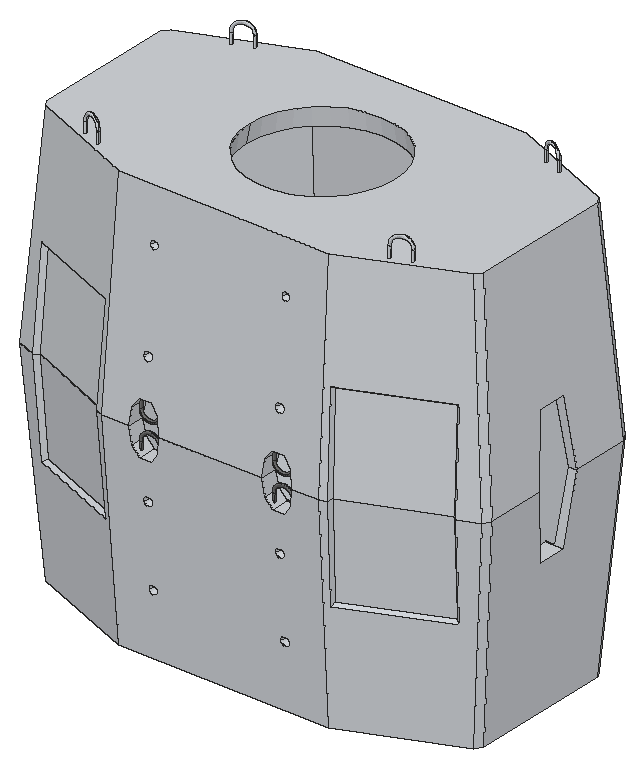
Revit family "110101-00057 Колодец ККСр-3-10 -ССД.0", category Обобщенные модели, Revit 2019
Family settings
  Может служить основой для арматурных стержней = Нет
  Размер круглого соединителя = Использовать диаметр
  Тип детали = Нормальный
  На основе рабочей плоскости = Нет
  Всегда вертикально = Да
  При загрузке вырезать с полостями = Нет
  Общий = Нет
  Точка расчета площади = Нет
Parameters (values of type "Колодец ККСр-3-10 ГЕК-ССД")
  ADSK_Ширина = 1160 mm
  ADSK_Ссылка на сайт = "https://www.ssd.ru/kolodets-kksr-3-10-gek-ssd-v22-5"
  ADSK_Сертификат соответствия = "https://www.ssd.ru/upload/iblock/ec0/sert_b25_0221.pdf"
  ADSK_Наименование = "Колодец ККСр-3-10 ГЕК-ССД"
  ADSK_Масса = "1990"
  ADSK_Марка = "ККСр"
  ADSK_Код изделия = "110101-00057"
  ADSK_Класс бетона = "В25"
  ADSK_Изготовитель = "АО \"СВЯЗЬСТРОЙДЕТАЛЬ\""
  ADSK_Длина = 1950 mm
  ADSK_Высота = 1760 mm
Reference planes
  plane 1 "По центру (Вперед/Назад)": y = 0
  plane 2: z = 0
  plane 3 "По центру (Влево/Вправо)": x = 0
Dimensions and locks
  "ADSK_Ширина": nested 2 to nested 2
  "ADSK_Длина": nested 2 to nested 2
  "ADSK_Высота": nested 2 to level
  aligned and locked: level to plane 2
Nested families
  nested 1: "Колодец ККСр-3-10.Низ" at (0, 0, 0), type "Колодец ККСр-3-10.Низ"
  nested 2: "Колодец ККСр-3-10.Верх" at (0, 0, 880), type "Колодец ККСр-3-10.Верх"
Definition of nested family "Колодец ККСр-3-10.Низ"
  Parameters
    7 = 130 mm
    6 = 50 mm
    5 = 80 mm
    4 = 50 mm
    36 = 80 mm
    3 = 880 mm
    2 = 1160 mm
    1 = 1950 mm
  Reference planes
    plane 1 "По центру (Вперед/Назад)": y = 0
    plane 2: z = 0
    plane 3 "По центру (Влево/Вправо)": x = 0
    plane 4: x = -975
    plane 5: y = 580
    plane 6: x = 975
    plane 7: y = -580
    plane 8: z = 50
    plane 9: z = 80
    plane 10: z = 880
    plane 11: z = 130
  Forms (mm)
    Blend 1, solid
      base sketch origin (0, 0, 0) x (1, 0, 0) y (0, 1, 0)
        loop
          line (-435, 510) -> (-886.513, 323.631) -> (-905, 296) -> (-905, -296) -> (-886.513, -323.631) -> (-435, -510) -> (435, -510) -> (886.513, -323.631) -> (905, -296) -> (905, 296) -> (886.513, 323.631) -> (435, 510) -> (-435, 510)
      top sketch origin (0, 0, 0) x (1, 0, 0) y (0, 1, 0)
        loop
          line (-975, -342.835) -> (-956.513, -370.466) -> (-448.879, -580) -> (448.879, -580) -> (956.513, -370.466) -> (975, -342.835) -> (975, 342.835) -> (956.513, 370.466) -> (448.879, 580) -> (-448.879, 580) -> (-956.513, 370.466) -> (-975, 342.835) -> (-975, -342.835)
      from 0 to 880
    Blend 2, void
      base sketch origin (0, 0, 0) x (1, 0, 0) y (0, 1, 0)
        loop
          line (391.34, 430) -> (-391.34, 430) -> (-825, 251) -> (-825, -251) -> (-391.34, -430) -> (391.34, -430) -> (825, -251) -> (825, 251) -> (391.34, 430)
      top sketch origin (0, 0, 0) x (1, 0, 0) y (0, 1, 0)
        loop
          line (-435, 510) -> (-905, 316) -> (-905, -316) -> (-435, -510) -> (435, -510) -> (905, -316) -> (905, 316) -> (435, 510) -> (-435, 510)
      from 130 to 880
    Blend 3, void
      base sketch origin (0, 0, 0) x (1, 0, 0) y (0, 1, 0)
        loop
          line (-775, 218) -> (-775, -218) -> (-372, -380) -> (372, -380) -> (775, -218) -> (775, 218) -> (372, 380) -> (-372, 380) -> (-775, 218)
      top sketch origin (0, 0, 0) x (1, 0, 0) y (0, 1, 0)
        loop
          line (-825, 251) -> (-825, -251) -> (-391.34, -430) -> (391.34, -430) -> (825, -251) -> (825, 251) -> (391.34, 430) -> (-391.34, 430) -> (-825, 251)
      from 80 to 130
    Blend 4, void
      base sketch origin (0, 0, 0) x (1, 0, 0) y (0, 1, 0)
        loop
          line (-75, 125) -> (-75, -125) -> (75, -125) -> (75, 125) -> (-75, 125)
      top sketch origin (0, 0, 0) x (1, 0, 0) y (0, 1, 0)
        loop
          line (-105, 155) -> (-105, -155) -> (105, -155) -> (105, 155) -> (-105, 155)
      from 50 to 80
    Extrusion 5, void
      sketch origin (0, 0, 0) x (0, 1, 0) y (0, 0, 1)
        loop
          line (97.5, 880) -> (-97.5, 880) -> (-62.5, 593.503) -> (62.5, 593.503) -> (97.5, 880)
      from 868.93 to 975
    Extrusion 6, void
      sketch origin (0, 0, 0) x (0, 1, 0) y (0, 0, -1)
        loop
          line (97.5, -880) -> (62.5, -593.503) -> (-62.5, -593.503) -> (-97.5, -880) -> (97.5, -880)
      from 825 to 975
    Extrusion 7, void
      sketch origin (0, 0, 0) x (1, 0, 0) y (0, 0, 1)
        loop
          line (338, 880) -> (213, 880) -> (220.5, 810) -> (250.5, 770) -> (300.5, 770) -> (330.5, 810) -> (338, 880)
      from -580 to -482.925
    Extrusion 8, void
      sketch origin (0, 0, 0) x (-1, 0, 0) y (0, 0, -1)
        loop
          line (338, -880) -> (330.5, -810) -> (300.5, -770) -> (250.5, -770) -> (220.5, -810) -> (213, -880) -> (338, -880)
      from -580 to -482.925
    Extrusion 9, void
      sketch origin (0, 0, 0) x (-1, 0, 0) y (0, 0, 1)
        loop
          line (338, 880) -> (213, 880) -> (220.5, 810) -> (250.5, 770) -> (300.5, 770) -> (330.5, 810) -> (338, 880)
      from -580 to -482.925
    Extrusion 10, void
      sketch origin (0, 0, 0) x (1, 0, 0) y (0, 0, -1)
        loop
          line (338, -880) -> (330.5, -810) -> (300.5, -770) -> (250.5, -770) -> (220.5, -810) -> (213, -880) -> (338, -880)
      from -580 to -482.925
    Sweep 11, solid, detail levels fine
      path origin (-551, 0, -6.667) x (1, 0, 0) y (0, 0, 1)
        loop
          line (315.5, 790) -> (315.5, 825)
          arc (315.5, 825) -> (275.5, 865) -> (235.5, 825) r 40
          line (235.5, 825) -> (235.5, 790)
      profile origin (-235.5, 0, 800.833) x (-1, 0, 0) y (0, -1, 0)
        loop
          circle (0, -545) r 5
    Sweep 12, solid, detail levels fine
      path origin (551, 0, -6.667) x (-1, 0, 0) y (0, 0, 1)
        loop
          line (315.5, 790) -> (315.5, 825)
          arc (315.5, 825) -> (275.5, 865) -> (235.5, 825) r 40
          line (235.5, 825) -> (235.5, 790)
      profile origin (235.5, 0, 800.833) x (-1, 0, 0) y (0, -1, 0)
        loop
          circle (0, -545) r 5
    Sweep 13, solid, detail levels fine
      path origin (551, 0, -6.667) x (-1, 0, 0) y (0, 0, 1)
        loop
          line (315.5, 790) -> (315.5, 825)
          arc (315.5, 825) -> (275.5, 865) -> (235.5, 825) r 40
          line (235.5, 825) -> (235.5, 790)
      profile origin (235.5, 0, 800.833) x (1, 0, 0) y (0, 1, 0)
        loop
          circle (0, -545) r 5
    Sweep 14, solid, detail levels fine
      path origin (-551, 0, -6.667) x (1, 0, 0) y (0, 0, -1)
        loop
          line (315.5, -790) -> (315.5, -825)
          arc (315.5, -825) -> (275.5, -865) -> (235.5, -825) r 40
          line (235.5, -825) -> (235.5, -790)
      profile origin (-235.5, 0, 800.833) x (1, 0, 0) y (0, 1, 0)
        loop
          circle (0, -545) r 5
    Blend 15, void
      base sketch origin (0, 0, 359) x (1, 0, 0) y (0, 0, 1)
        loop
          circle (272.55, 250.573) r 8
      top sketch origin (0, 0, 359) x (1, 0, 0) y (0, 0, 1)
        loop
          circle (272.55, 250.573) r 19
      from 516.972 to 560.294
    Blend 16, void
      base sketch origin (0, 0, 359) x (1, 0, 0) y (0, 0, 1)
        loop
          circle (272.55, 250.573) r 4
      top sketch origin (0, 0, 359) x (1, 0, 0) y (0, 0, 1)
        loop
          circle (272.55, 250.573) r 8
      from 441.307 to 516.972
    Blend 17, void
      base sketch origin (0, 0, 359) x (-1, 0, 0) y (0, 0, -1)
        loop
          circle (272.55, -250.573) r 8
      top sketch origin (0, 0, 359) x (-1, 0, 0) y (0, 0, -1)
        loop
          circle (272.55, -250.573) r 19
      from 516.972 to 560.294
    Blend 18, void
      base sketch origin (0, 0, 359) x (-1, 0, 0) y (0, 0, -1)
        loop
          circle (272.55, -250.573) r 4
      top sketch origin (0, 0, 359) x (-1, 0, 0) y (0, 0, -1)
        loop
          circle (272.55, -250.573) r 8
      from 441.307 to 516.972
    Blend 19, void
      base sketch origin (0, 0, 359) x (-1, 0, 0) y (0, 0, 1)
        loop
          circle (272.55, 250.573) r 8
      top sketch origin (0, 0, 359) x (-1, 0, 0) y (0, 0, 1)
        loop
          circle (272.55, 250.573) r 19
      from 516.972 to 560.294
    Blend 20, void
      base sketch origin (0, 0, 359) x (-1, 0, 0) y (0, 0, 1)
        loop
          circle (272.55, 250.573) r 4
      top sketch origin (0, 0, 359) x (-1, 0, 0) y (0, 0, 1)
        loop
          circle (272.55, 250.573) r 8
      from 441.307 to 516.972
    Blend 21, void
      base sketch origin (0, 0, 359) x (1, 0, 0) y (0, 0, -1)
        loop
          circle (272.55, -250.573) r 8
      top sketch origin (0, 0, 359) x (1, 0, 0) y (0, 0, -1)
        loop
          circle (272.55, -250.573) r 19
      from 516.972 to 560.294
    Blend 22, void
      base sketch origin (0, 0, 359) x (1, 0, 0) y (0, 0, -1)
        loop
          circle (272.55, -250.573) r 4
      top sketch origin (0, 0, 359) x (1, 0, 0) y (0, 0, -1)
        loop
          circle (272.55, -250.573) r 8
      from 441.307 to 516.972
    Blend 23, void
      base sketch origin (0, 0, 521) x (-1, 0, 0) y (0, 0, 1)
        loop
          circle (272.55, -250.573) r 8
      top sketch origin (0, 0, 521) x (-1, 0, 0) y (0, 0, 1)
        loop
          circle (272.55, -250.573) r 19
      from 485 to 535
    Blend 24, void
      base sketch origin (0, 0, 521) x (-1, 0, 0) y (0, 0, 1)
        loop
          circle (272.55, -250.573) r 4
      top sketch origin (0, 0, 521) x (-1, 0, 0) y (0, 0, 1)
        loop
          circle (272.55, -250.573) r 8
      from 441.307 to 485
    Blend 25, void
      base sketch origin (0, 0, 521) x (-1, 0, 0) y (0, 0, -1)
        loop
          circle (272.55, 250.573) r 8
      top sketch origin (0, 0, 521) x (-1, 0, 0) y (0, 0, -1)
        loop
          circle (272.55, 250.573) r 19
      from 485 to 535
    Blend 26, void
      base sketch origin (0, 0, 521) x (-1, 0, 0) y (0, 0, -1)
        loop
          circle (272.55, 250.573) r 4
      top sketch origin (0, 0, 521) x (-1, 0, 0) y (0, 0, -1)
        loop
          circle (272.55, 250.573) r 8
      from 441.307 to 485
    Blend 27, void
      base sketch origin (0, 0, 521) x (1, 0, 0) y (0, 0, -1)
        loop
          circle (272.55, 250.573) r 8
      top sketch origin (0, 0, 521) x (1, 0, 0) y (0, 0, -1)
        loop
          circle (272.55, 250.573) r 19
      from 485 to 535
    Blend 28, void
      base sketch origin (0, 0, 521) x (1, 0, 0) y (0, 0, -1)
        loop
          circle (272.55, 250.573) r 4
      top sketch origin (0, 0, 521) x (1, 0, 0) y (0, 0, -1)
        loop
          circle (272.55, 250.573) r 8
      from 441.307 to 485
    Blend 29, void
      base sketch origin (0, 0, 521) x (1, 0, 0) y (0, 0, 1)
        loop
          circle (272.55, -250.573) r 8
      top sketch origin (0, 0, 521) x (1, 0, 0) y (0, 0, 1)
        loop
          circle (272.55, -250.573) r 19
      from 485 to 535
    Blend 30, void
      base sketch origin (0, 0, 521) x (1, 0, 0) y (0, 0, 1)
        loop
          circle (272.55, -250.573) r 4
      top sketch origin (0, 0, 521) x (1, 0, 0) y (0, 0, 1)
        loop
          circle (272.55, -250.573) r 8
      from 441.307 to 485
    Extrusion 31, void
      sketch origin (-25.337, 0, 98.129) x (0, 1, 0) y (0.104528, 0, 0.994522)
        loop
          line (98.502, 888.2) -> (62.5, 593.503) -> (80.386, 475.964) -> (182.835, 475.964) -> (250.853, 888.2) -> (98.502, 888.2)
      from 842.347 to 879.68
    Extrusion 32, void
      sketch origin (-25.337, 0, 98.129) x (0, -1, 0) y (-0.104528, 0, -0.994522)
        loop
          line (98.502, -888.2) -> (250.853, -888.2) -> (182.835, -475.964) -> (80.386, -475.964) -> (62.5, -593.503) -> (98.502, -888.2)
      from 842.347 to 879.68
    Extrusion 33, void
      sketch origin (25.337, 0, 98.129) x (0, -1, 0) y (-0.104528, 0, 0.994522)
        loop
          line (98.502, 888.2) -> (62.5, 593.503) -> (80.386, 475.964) -> (182.835, 475.964) -> (250.853, 888.2) -> (98.502, 888.2)
      from 842.347 to 879.68
    Extrusion 34, void
      sketch origin (25.337, 0, 98.129) x (0, 1, 0) y (0.104528, 0, -0.994522)
        loop
          line (98.502, -888.2) -> (250.853, -888.2) -> (182.835, -475.964) -> (80.386, -475.964) -> (62.5, -593.503) -> (98.502, -888.2)
      from 842.347 to 879.68
    Blend 35, void
      base sketch origin (660.756, 416.815, 0) x (0.924352, -0.381541, 0) y (0.030254, 0.073296, 0.996851)
        loop
          line (203.133, 882.78) -> (-226.867, 882.78) -> (-226.867, 472.78) -> (203.133, 472.78) -> (203.133, 882.78)
      top sketch origin (660.756, 416.815, 0) x (0.924352, -0.381541, 0) y (0.030254, 0.073296, 0.996851)
        loop
          line (193.133, 882.78) -> (-216.867, 882.78) -> (-216.867, 482.78) -> (193.133, 482.78) -> (193.133, 882.78)
      from 0 to 18.429
    Blend 36, void
      base sketch origin (660.756, -416.815, 0) x (0.924352, 0.381541, 0) y (-0.030254, 0.073296, -0.996851)
        loop
          line (203.133, -882.78) -> (203.133, -472.78) -> (-226.867, -472.78) -> (-226.867, -882.78) -> (203.133, -882.78)
      top sketch origin (660.756, -416.815, 0) x (0.924352, 0.381541, 0) y (-0.030254, 0.073296, -0.996851)
        loop
          line (193.133, -882.78) -> (193.133, -482.78) -> (-216.867, -482.78) -> (-216.867, -882.78) -> (193.133, -882.78)
      from 0 to 18.429
    Blend 37, void
      base sketch origin (-660.756, -416.815, 0) x (-0.924352, 0.381541, 0) y (-0.030254, -0.073296, 0.996851)
        loop
          line (203.133, 882.78) -> (-226.867, 882.78) -> (-226.867, 472.78) -> (203.133, 472.78) -> (203.133, 882.78)
      top sketch origin (-660.756, -416.815, 0) x (-0.924352, 0.381541, 0) y (-0.030254, -0.073296, 0.996851)
        loop
          line (193.133, 882.78) -> (-216.867, 882.78) -> (-216.867, 482.78) -> (193.133, 482.78) -> (193.133, 882.78)
      from 0 to 18.429
    Blend 38, void
      base sketch origin (-660.756, 416.815, 0) x (-0.924352, -0.381541, 0) y (0.030254, -0.073296, -0.996851)
        loop
          line (203.133, -882.78) -> (203.133, -472.78) -> (-226.867, -472.78) -> (-226.867, -882.78) -> (203.133, -882.78)
      top sketch origin (-660.756, 416.815, 0) x (-0.924352, -0.381541, 0) y (0.030254, -0.073296, -0.996851)
        loop
          line (193.133, -882.78) -> (193.133, -482.78) -> (-216.867, -482.78) -> (-216.867, -882.78) -> (193.133, -882.78)
      from 0 to 18.429
  Cuts and joins
    Blend 2, Blend 3, Blend 4, Extrusion 5, Extrusion 6, Extrusion 7, Extrusion 8, Extrusion 9, Extrusion 10, Blend 15, Blend 16, Blend 17, Blend 18, Blend 19, Blend 20, Blend 21, Blend 22, Blend 23, Blend 24, Blend 25, Blend 26, Blend 27, Blend 28, Blend 29, Blend 30, Extrusion 31, Extrusion 32, Extrusion 33, Extrusion 34, Blend 35, Blend 36, Blend 37, Blend 38 cuts Blend 1
  Dimensions and locks
    "1": plane 4 to plane 6
    equal spacing: plane 4, plane 3 "По центру (Влево/Вправо)", plane 6
    "2": plane 5 to plane 7
    equal spacing: plane 5, plane 1 "По центру (Вперед/Назад)", plane 7
    "3": plane 2 to plane 10
    plane 2 to plane 8 = 50 mm
    "36": plane 2 to plane 9
    "7": plane 2 to plane 11
    aligned and locked: level to plane 2
    aligned and locked: plane 10 to Blend 1
    aligned and locked: Blend 1 to level
    aligned and locked: Blend 4 to plane 8
    aligned and locked: plane 9 to Blend 4
    aligned and locked: Blend 3 to plane 9
    aligned and locked: plane 11 to Blend 3
    aligned and locked: plane 10 to Blend 2
  Automatic sketch dimensions
    plane 4 to Blend 1 sketch curve = 70 mm
    Blend 1 sketch curve to Blend 1 sketch curve = 18.487 mm  (x3)
    plane 7 to Blend 1 sketch curve = 70 mm
    Blend 1 sketch curve to plane 3 "По центру (Влево/Вправо)" = 435 mm  (x2)
    Blend 1 sketch curve to plane 5 = 70 mm
    plane 3 "По центру (Влево/Вправо)" to Blend 1 sketch curve = 435 mm  (x2)
    Blend 1 sketch curve to plane 6 = 88.487 mm  (x2)
    plane 7 to Blend 1 sketch curve = 256.369 mm  (x2)
    Blend 1 sketch curve to Blend 1 sketch curve = 27.631 mm  (x8)
    Blend 1 sketch curve to plane 5 = 284 mm  (x2)
    Blend 1 sketch curve to plane 4 = 0 mm
    Blend 1 sketch curve to plane 5 = 0 mm
    Blend 1 sketch curve to plane 7 = 0 mm
    Blend 1 sketch curve to plane 6 = 0 mm
    plane 4 to Blend 1 sketch curve = 18.487 mm  (x2)
    Blend 1 sketch curve to plane 3 "По центру (Влево/Вправо)" = 448.879 mm  (x2)
    plane 3 "По центру (Влево/Вправо)" to Blend 1 sketch curve = 448.879 mm  (x2)
    Blend 1 sketch curve to plane 6 = 18.487 mm  (x2)
    plane 7 to Blend 1 sketch curve = 209.534 mm  (x2)
    Blend 1 sketch curve to plane 5 = 237.165 mm  (x2)
    plane 4 to Blend 2 sketch curve = 150 mm
    Blend 2 sketch curve to plane 5 = 150 mm
    Blend 2 sketch curve to plane 3 "По центру (Влево/Вправо)" = 391.34 mm  (x2)
    plane 7 to Blend 2 sketch curve = 150 mm
    plane 3 "По центру (Влево/Вправо)" to Blend 2 sketch curve = 391.34 mm  (x2)
    Blend 2 sketch curve to plane 6 = 150 mm
    plane 1 "По центру (Вперед/Назад)" to Blend 2 sketch curve = 251 mm  (x2)
    Blend 2 sketch curve to plane 1 "По центру (Вперед/Назад)" = 251 mm  (x2)
    plane 4 to Blend 2 sketch curve = 70 mm
    Blend 2 sketch curve to plane 5 = 70 mm
    Blend 2 sketch curve to plane 3 "По центру (Влево/Вправо)" = 435 mm  (x2)
    plane 7 to Blend 2 sketch curve = 70 mm
    plane 3 "По центру (Влево/Вправо)" to Blend 2 sketch curve = 435 mm  (x2)
    Blend 2 sketch curve to plane 6 = 70 mm
    plane 7 to Blend 2 sketch curve = 264 mm  (x2)
    Blend 2 sketch curve to plane 5 = 264 mm  (x2)
    plane 4 to Blend 3 sketch curve = 200 mm
    Blend 3 sketch curve to plane 3 "По центру (Влево/Вправо)" = 372 mm  (x2)
    plane 3 "По центру (Влево/Вправо)" to Blend 3 sketch curve = 372 mm  (x2)
    Blend 3 sketch curve to plane 6 = 200 mm
    plane 7 to Blend 3 sketch curve = 200 mm
    plane 1 "По центру (Вперед/Назад)" to Blend 3 sketch curve = 218 mm  (x2)
    Blend 3 sketch curve to plane 1 "По центру (Вперед/Назад)" = 218 mm  (x2)
    Blend 3 sketch curve to plane 5 = 200 mm
    plane 4 to Blend 3 sketch curve = 150 mm
    Blend 3 sketch curve to plane 5 = 150 mm
    Blend 3 sketch curve to plane 3 "По центру (Влево/Вправо)" = 391.34 mm  (x2)
    plane 7 to Blend 3 sketch curve = 150 mm
    plane 3 "По центру (Влево/Вправо)" to Blend 3 sketch curve = 391.34 mm  (x2)
    Blend 3 sketch curve to plane 6 = 150 mm
    plane 1 "По центру (Вперед/Назад)" to Blend 3 sketch curve = 251 mm  (x2)
    Blend 3 sketch curve to plane 1 "По центру (Вперед/Назад)" = 251 mm  (x2)
    Blend 4 sketch curve to plane 3 "По центру (Влево/Вправо)" = 75 mm
    plane 3 "По центру (Влево/Вправо)" to Blend 4 sketch curve = 75 mm
    plane 1 "По центру (Вперед/Назад)" to Blend 4 sketch curve = 125 mm
    Blend 4 sketch curve to plane 1 "По центру (Вперед/Назад)" = 125 mm
    Blend 4 sketch curve to plane 3 "По центру (Влево/Вправо)" = 105 mm
    plane 3 "По центру (Влево/Вправо)" to Blend 4 sketch curve = 105 mm
    plane 1 "По центру (Вперед/Назад)" to Blend 4 sketch curve = 155 mm
    Blend 4 sketch curve to plane 1 "По центру (Вперед/Назад)" = 155 mm
    Extrusion 31 sketch curve to plane 1 "По центру (Вперед/Назад)" = 62.5 mm
    Extrusion 31 sketch curve to plane 1 "По центру (Вперед/Назад)" = 80.386 mm
    Extrusion 31 sketch curve to plane 1 "По центру (Вперед/Назад)" = 98.502 mm
    Extrusion 31 sketch curve to Extrusion 31 sketch curve = 102.449 mm
    Extrusion 31 sketch curve to Extrusion 31 sketch curve = 152.351 mm
    Extrusion 31 sketch curve to Extrusion 31 sketch curve = 117.539 mm
    Extrusion 31 sketch curve to Extrusion 31 sketch curve = 294.697 mm
    plane 1 "По центру (Вперед/Назад)" to Extrusion 32 sketch curve = 62.5 mm
    plane 1 "По центру (Вперед/Назад)" to Extrusion 32 sketch curve = 80.386 mm
    plane 1 "По центру (Вперед/Назад)" to Extrusion 32 sketch curve = 98.502 mm
    Extrusion 32 sketch curve to Extrusion 32 sketch curve = 102.449 mm
    Extrusion 32 sketch curve to Extrusion 32 sketch curve = 152.351 mm
    Extrusion 32 sketch curve to Extrusion 32 sketch curve = 294.697 mm
    Extrusion 32 sketch curve to Extrusion 32 sketch curve = 117.539 mm
    plane 1 "По центру (Вперед/Назад)" to Extrusion 33 sketch curve = 62.5 mm
    plane 1 "По центру (Вперед/Назад)" to Extrusion 33 sketch curve = 80.386 mm
    plane 1 "По центру (Вперед/Назад)" to Extrusion 33 sketch curve = 98.502 mm
    Extrusion 33 sketch curve to Extrusion 33 sketch curve = 102.449 mm
    Extrusion 33 sketch curve to Extrusion 33 sketch curve = 152.351 mm
    Extrusion 33 sketch curve to Extrusion 33 sketch curve = 117.539 mm
    Extrusion 33 sketch curve to Extrusion 33 sketch curve = 294.697 mm
    Extrusion 34 sketch curve to plane 1 "По центру (Вперед/Назад)" = 62.5 mm
    Extrusion 34 sketch curve to plane 1 "По центру (Вперед/Назад)" = 80.386 mm
    Extrusion 34 sketch curve to plane 1 "По центру (Вперед/Назад)" = 98.502 mm
    Extrusion 34 sketch curve to Extrusion 34 sketch curve = 102.449 mm
    Extrusion 34 sketch curve to Extrusion 34 sketch curve = 152.351 mm
    Extrusion 34 sketch curve to Extrusion 34 sketch curve = 294.697 mm
    Extrusion 34 sketch curve to Extrusion 34 sketch curve = 117.539 mm
    Blend 35 sketch curve to Blend 35 sketch curve = 430 mm
    Blend 35 sketch curve to Blend 35 sketch curve = 410 mm  (x2)
    Blend 35 sketch curve to Blend 35 sketch curve = 400 mm
    Blend 36 sketch curve to Blend 36 sketch curve = 430 mm
    Blend 36 sketch curve to Blend 36 sketch curve = 410 mm  (x2)
    Blend 36 sketch curve to Blend 36 sketch curve = 400 mm
    Blend 37 sketch curve to Blend 37 sketch curve = 430 mm
    Blend 37 sketch curve to Blend 37 sketch curve = 410 mm  (x2)
    Blend 37 sketch curve to Blend 37 sketch curve = 400 mm
    Extrusion 5 sketch curve to plane 10 = 0 mm
    plane 1 "По центру (Вперед/Назад)" to Extrusion 5 sketch curve = 97.5 mm
    plane 1 "По центру (Вперед/Назад)" to Extrusion 5 sketch curve = 62.5 mm
    Extrusion 5 sketch curve to plane 1 "По центру (Вперед/Назад)" = 62.5 mm
    Extrusion 5 sketch curve to plane 1 "По центру (Вперед/Назад)" = 97.5 mm
    Extrusion 5 sketch curve to plane 10 = 286.497 mm
    Extrusion 6 sketch curve to plane 10 = 0 mm
    plane 1 "По центру (Вперед/Назад)" to Extrusion 6 sketch curve = 97.5 mm
    plane 1 "По центру (Вперед/Назад)" to Extrusion 6 sketch curve = 62.5 mm
    Extrusion 6 sketch curve to plane 1 "По центру (Вперед/Назад)" = 62.5 mm
    Extrusion 6 sketch curve to plane 1 "По центру (Вперед/Назад)" = 97.5 mm
    Extrusion 6 sketch curve to plane 10 = 286.497 mm
    Extrusion 7 sketch curve to plane 10 = 0 mm
    plane 3 "По центру (Влево/Вправо)" to Extrusion 7 sketch curve = 213 mm
    Extrusion 7 sketch curve to plane 10 = 70 mm  (x2)
    Extrusion 7 sketch curve to Extrusion 7 sketch curve = 7.5 mm  (x2)
    Extrusion 7 sketch curve to Extrusion 7 sketch curve = 30 mm  (x2)
    Extrusion 7 sketch curve to plane 10 = 110 mm
    Extrusion 7 sketch curve to Extrusion 7 sketch curve = 50 mm
    Extrusion 8 sketch curve to plane 10 = 0 mm
    plane 3 "По центру (Влево/Вправо)" to Extrusion 8 sketch curve = 213 mm
    plane 10 to Extrusion 8 sketch curve = 70 mm  (x2)
    Extrusion 8 sketch curve to Extrusion 8 sketch curve = 7.5 mm  (x2)
    Extrusion 8 sketch curve to Extrusion 8 sketch curve = 30 mm  (x2)
    plane 10 to Extrusion 8 sketch curve = 110 mm
    Extrusion 8 sketch curve to Extrusion 8 sketch curve = 50 mm
    Extrusion 9 sketch curve to plane 10 = 0 mm
    Extrusion 9 sketch curve to plane 3 "По центру (Влево/Вправо)" = 213 mm
    Extrusion 9 sketch curve to plane 10 = 70 mm  (x2)
    Extrusion 9 sketch curve to Extrusion 9 sketch curve = 7.5 mm  (x2)
    Extrusion 9 sketch curve to Extrusion 9 sketch curve = 30 mm  (x2)
    Extrusion 9 sketch curve to plane 10 = 110 mm
    Extrusion 9 sketch curve to Extrusion 9 sketch curve = 50 mm
    Extrusion 10 sketch curve to plane 10 = 0 mm
    plane 3 "По центру (Влево/Вправо)" to Extrusion 10 sketch curve = 213 mm
    Extrusion 10 sketch curve to plane 10 = 70 mm  (x2)
    Extrusion 10 sketch curve to Extrusion 10 sketch curve = 7.5 mm  (x2)
    Extrusion 10 sketch curve to Extrusion 10 sketch curve = 30 mm  (x2)
    Extrusion 10 sketch curve to plane 10 = 110 mm
    Extrusion 10 sketch curve to Extrusion 10 sketch curve = 50 mm
    Sweep 11 sketch curve to plane 10 = 61.667 mm
    Sweep 11 sketch curve to plane 3 "По центру (Влево/Вправо)" = 315.5 mm
    Sweep 11 sketch curve to Sweep 11 sketch curve = 40 mm
    Sweep 11 sketch curve to Sweep 11 sketch curve = 35 mm  (x2)
    Sweep 11 sketch curve to profile plane = 0 mm
    Sweep 11 sketch curve to plane 1 "По центру (Вперед/Назад)" = 545 mm
    plane 10 to Sweep 12 sketch curve = 61.667 mm
    Sweep 12 sketch curve to plane 3 "По центру (Влево/Вправо)" = 315.5 mm
    Sweep 12 sketch curve to Sweep 12 sketch curve = 40 mm
    Sweep 12 sketch curve to Sweep 12 sketch curve = 35 mm  (x2)
    Sweep 12 sketch curve to profile plane = 0 mm
    Sweep 12 sketch curve to plane 1 "По центру (Вперед/Назад)" = 545 mm
    Sweep 13 sketch curve to plane 10 = 61.667 mm
    plane 3 "По центру (Влево/Вправо)" to Sweep 13 sketch curve = 315.5 mm
    Sweep 13 sketch curve to Sweep 13 sketch curve = 40 mm
    Sweep 13 sketch curve to Sweep 13 sketch curve = 35 mm  (x2)
    Sweep 13 sketch curve to profile plane = 0 mm
    Sweep 13 sketch curve to profile plane = 545 mm
    Sweep 14 sketch curve to plane 10 = 61.667 mm
    Sweep 14 sketch curve to plane 3 "По центру (Влево/Вправо)" = 315.5 mm
    Sweep 14 sketch curve to Sweep 14 sketch curve = 40 mm
    Sweep 14 sketch curve to Sweep 14 sketch curve = 35 mm  (x2)
    Sweep 14 sketch curve to profile plane = 0 mm
    Sweep 14 sketch curve to profile plane = 545 mm
    plane 3 "По центру (Влево/Вправо)" to Blend 15 sketch curve = 272.55 mm  (x2)
    Blend 15 sketch curve to plane 10 = 270.427 mm  (x2)
    plane 3 "По центру (Влево/Вправо)" to Blend 16 sketch curve = 272.55 mm  (x2)
    Blend 16 sketch curve to plane 10 = 270.427 mm  (x2)
    plane 3 "По центру (Влево/Вправо)" to Blend 17 sketch curve = 272.55 mm  (x2)
    plane 10 to Blend 17 sketch curve = 270.427 mm  (x2)
    plane 3 "По центру (Влево/Вправо)" to Blend 18 sketch curve = 272.55 mm  (x2)
    plane 10 to Blend 18 sketch curve = 270.427 mm  (x2)
    Blend 19 sketch curve to plane 3 "По центру (Влево/Вправо)" = 272.55 mm  (x2)
    Blend 19 sketch curve to plane 10 = 270.427 mm  (x2)
    Blend 20 sketch curve to plane 3 "По центру (Влево/Вправо)" = 272.55 mm  (x2)
    Blend 20 sketch curve to plane 10 = 270.427 mm  (x2)
    plane 3 "По центру (Влево/Вправо)" to Blend 21 sketch curve = 272.55 mm  (x2)
    Blend 21 sketch curve to plane 10 = 270.427 mm  (x2)
    plane 3 "По центру (Влево/Вправо)" to Blend 22 sketch curve = 272.55 mm  (x2)
    Blend 22 sketch curve to plane 10 = 270.427 mm  (x2)
    Blend 23 sketch curve to plane 3 "По центру (Влево/Вправо)" = 272.55 mm  (x2)
    plane 11 to Blend 23 sketch curve = 140.427 mm  (x2)
    Blend 24 sketch curve to plane 3 "По центру (Влево/Вправо)" = 272.55 mm  (x2)
    plane 11 to Blend 24 sketch curve = 140.427 mm  (x2)
    Blend 25 sketch curve to plane 3 "По центру (Влево/Вправо)" = 272.55 mm  (x2)
    plane 11 to Blend 25 sketch curve = 140.427 mm  (x2)
    Blend 26 sketch curve to plane 3 "По центру (Влево/Вправо)" = 272.55 mm  (x2)
    plane 11 to Blend 26 sketch curve = 140.427 mm  (x2)
    plane 3 "По центру (Влево/Вправо)" to Blend 27 sketch curve = 272.55 mm  (x2)
    plane 11 to Blend 27 sketch curve = 140.427 mm  (x2)
    plane 3 "По центру (Влево/Вправо)" to Blend 28 sketch curve = 272.55 mm  (x2)
    plane 11 to Blend 28 sketch curve = 140.427 mm  (x2)
    plane 3 "По центру (Влево/Вправо)" to Blend 29 sketch curve = 272.55 mm  (x2)
    plane 11 to Blend 29 sketch curve = 140.427 mm  (x2)
    plane 3 "По центру (Влево/Вправо)" to Blend 30 sketch curve = 272.55 mm  (x2)
    plane 11 to Blend 30 sketch curve = 140.427 mm  (x2)
    Blend 38 sketch curve to Blend 38 sketch curve = 430 mm
    Blend 38 sketch curve to Blend 38 sketch curve = 410 mm  (x2)
    Blend 38 sketch curve to Blend 38 sketch curve = 400 mm
    radius of Sweep 11 sketch curve = 5 mm
    radius of Sweep 12 sketch curve = 5 mm
    radius of Sweep 13 sketch curve = 5 mm
    radius of Sweep 14 sketch curve = 5 mm
    radius of Blend 15 sketch curve = 8 mm
    radius of Blend 15 sketch curve = 19 mm
    radius of Blend 16 sketch curve = 4 mm
    radius of Blend 16 sketch curve = 8 mm
    radius of Blend 17 sketch curve = 8 mm
    radius of Blend 17 sketch curve = 19 mm
    radius of Blend 18 sketch curve = 4 mm
    radius of Blend 18 sketch curve = 8 mm
    radius of Blend 19 sketch curve = 8 mm
    radius of Blend 19 sketch curve = 19 mm
    radius of Blend 20 sketch curve = 4 mm
    radius of Blend 20 sketch curve = 8 mm
    radius of Blend 21 sketch curve = 8 mm
    radius of Blend 21 sketch curve = 19 mm
    radius of Blend 22 sketch curve = 4 mm
    radius of Blend 22 sketch curve = 8 mm
    radius of Blend 23 sketch curve = 8 mm
    radius of Blend 23 sketch curve = 19 mm
    radius of Blend 24 sketch curve = 4 mm
    radius of Blend 24 sketch curve = 8 mm
    radius of Blend 25 sketch curve = 8 mm
    radius of Blend 25 sketch curve = 19 mm
    radius of Blend 26 sketch curve = 4 mm
    radius of Blend 26 sketch curve = 8 mm
    radius of Blend 27 sketch curve = 8 mm
    radius of Blend 27 sketch curve = 19 mm
    radius of Blend 28 sketch curve = 4 mm
    radius of Blend 28 sketch curve = 8 mm
    radius of Blend 29 sketch curve = 8 mm
    radius of Blend 29 sketch curve = 19 mm
    radius of Blend 30 sketch curve = 4 mm
    radius of Blend 30 sketch curve = 8 mm
Definition of nested family "Колодец ККСр-3-10.Верх"
  Parameters
    7 = 130 mm
    6 = 50 mm
    5 = 80 mm
    4 = 50 mm
    36 = 80 mm
    3 = 880 mm
    2 = 1160 mm
    1 = 1950 mm
  Reference planes
    plane 1 "По центру (Вперед/Назад)": y = 0
    plane 2: z = 0
    plane 3 "По центру (Влево/Вправо)": x = 0
    plane 4: x = -975
    plane 5: y = 580
    plane 6: x = 975
    plane 7: y = -580
    plane 8: z = 880
    plane 9: z = 800
    plane 10: z = 750
    plane 11: z = 440
  Forms (mm)
    Blend 1, solid
      base sketch origin (0, 0, 880) x (0, -1, 0) y (1, 0, 0)
        loop
          line (-510, -435) -> (-323.631, -886.513) -> (-296, -905) -> (296, -905) -> (323.631, -886.513) -> (510, -435) -> (510, 435) -> (323.631, 886.513) -> (296, 905) -> (-296, 905) -> (-323.631, 886.513) -> (-510, 435) -> (-510, -435)
      top sketch origin (0, 0, 880) x (0, -1, 0) y (1, 0, 0)
        loop
          line (342.835, -975) -> (370.466, -956.513) -> (580, -448.879) -> (580, 448.879) -> (370.466, 956.513) -> (342.835, 975) -> (-342.835, 975) -> (-370.466, 956.513) -> (-580, 448.879) -> (-580, -448.879) -> (-370.466, -956.513) -> (-342.835, -975) -> (342.835, -975)
      from 0 to -880
    Blend 2, void
      base sketch origin (0, 0, 880) x (0, -1, 0) y (1, 0, 0)
        loop
          line (-218, -775) -> (218, -775) -> (380, -372) -> (380, 372) -> (218, 775) -> (-218, 775) -> (-380, 372) -> (-380, -372) -> (-218, -775)
      top sketch origin (0, 0, 880) x (0, -1, 0) y (1, 0, 0)
        loop
          line (-251, -825) -> (251, -825) -> (430, -391.34) -> (430, 391.34) -> (251, 825) -> (-251, 825) -> (-430, 391.34) -> (-430, -391.34) -> (-251, -825)
      from -80 to -130
    Blend 3, void
      base sketch origin (0, 0, 880) x (0, -1, 0) y (1, 0, 0)
        loop
          line (-430, 391.34) -> (-430, -391.34) -> (-251, -825) -> (251, -825) -> (430, -391.34) -> (430, 391.34) -> (251, 825) -> (-251, 825) -> (-430, 391.34)
      top sketch origin (0, 0, 880) x (0, -1, 0) y (1, 0, 0)
        loop
          line (-510, -435) -> (-316, -905) -> (316, -905) -> (510, -435) -> (510, 435) -> (316, 905) -> (-316, 905) -> (-510, 435) -> (-510, -435)
      from -130 to -880
    Blend 4, void
      base sketch origin (0, 0, 521) x (1, 0, 0) y (0, 0, -1)
        loop
          circle (272.55, 250.573) r 8
      top sketch origin (0, 0, 521) x (1, 0, 0) y (0, 0, -1)
        loop
          circle (272.55, 250.573) r 19
      from 516.972 to 560.294
    Blend 5, void
      base sketch origin (0, 0, 521) x (1, 0, 0) y (0, 0, -1)
        loop
          circle (272.55, 250.573) r 4
      top sketch origin (0, 0, 521) x (1, 0, 0) y (0, 0, -1)
        loop
          circle (272.55, 250.573) r 8
      from 441.307 to 516.972
    Extrusion 6, void
      sketch origin (0, 0, 880) x (1, 0, 0) y (0, 0, 1)
        loop
          line (338, -880) -> (330.5, -810) -> (300.5, -770) -> (250.5, -770) -> (220.5, -810) -> (213, -880) -> (338, -880)
      from -580 to -482.925
    Extrusion 7, void
      sketch origin (0, 0, 880) x (-1, 0, 0) y (0, 0, -1)
        loop
          line (338, 880) -> (213, 880) -> (220.5, 810) -> (250.5, 770) -> (300.5, 770) -> (330.5, 810) -> (338, 880)
      from -580 to -482.925
    Sweep 8, solid, detail levels fine
      path origin (551, 0, 886.667) x (-1, 0, 0) y (0, 0, -1)
        loop
          line (315.5, 790) -> (315.5, 825)
          arc (315.5, 825) -> (275.5, 865) -> (235.5, 825) r 40
          line (235.5, 825) -> (235.5, 790)
      profile origin (235.5, 0, 79.167) x (0, -1, 0) y (1, 0, 0)
        loop
          circle (-545, 0) r 5
    Extrusion 9, void
      sketch origin (-25.337, 0, 781.871) x (0, 1, 0) y (-0.104528, 0, 0.994522)
        loop
          line (98.502, -888.2) -> (250.853, -888.2) -> (182.835, -475.964) -> (80.386, -475.964) -> (62.5, -593.503) -> (98.502, -888.2)
      from 842.347 to 879.68
    Extrusion 10, void
      sketch origin (25.337, 0, 781.871) x (0, 1, 0) y (-0.104528, 0, -0.994522)
        loop
          line (98.502, 888.2) -> (62.5, 593.503) -> (80.386, 475.964) -> (182.835, 475.964) -> (250.853, 888.2) -> (98.502, 888.2)
      from 842.347 to 879.68
    Extrusion 11, void
      sketch origin (0, 0, 880) x (0, 1, 0) y (0, 0, 1)
        loop
          line (62.561, -594) -> (-62.561, -594) -> (-97.5, -880) -> (97.5, -880) -> (62.561, -594)
      from 868.93 to 975
    Extrusion 12, void
      sketch origin (0, 0, 880) x (-1, 0, 0) y (0, 0, 1)
        loop
          line (338, -880) -> (330.5, -810) -> (300.5, -770) -> (250.5, -770) -> (220.5, -810) -> (213, -880) -> (338, -880)
      from -580 to -482.925
    Extrusion 13, void
      sketch origin (0, 0, 880) x (1, 0, 0) y (0, 0, -1)
        loop
          line (338, 880) -> (213, 880) -> (220.5, 810) -> (250.5, 770) -> (300.5, 770) -> (330.5, 810) -> (338, 880)
      from -580 to -482.925
    Extrusion 14, void
      sketch origin (0, 0, 880) x (0, 1, 0) y (0, 0, -1)
        loop
          line (62.561, 594) -> (97.5, 880) -> (-97.5, 880) -> (-62.561, 594) -> (62.561, 594)
      from 868.93 to 975
    Extrusion 15, void
      sketch origin (25.337, 0, 781.871) x (0, -1, 0) y (0.104528, 0, 0.994522)
        loop
          line (98.502, -888.2) -> (250.853, -888.2) -> (182.835, -475.964) -> (80.386, -475.964) -> (62.5, -593.503) -> (98.502, -888.2)
      from 842.347 to 879.68
    Extrusion 16, void
      sketch origin (-25.337, 0, 781.871) x (0, -1, 0) y (0.104528, 0, -0.994522)
        loop
          line (98.502, 888.2) -> (62.5, 593.503) -> (80.386, 475.964) -> (182.835, 475.964) -> (250.853, 888.2) -> (98.502, 888.2)
      from 842.347 to 879.68
    Sweep 17, solid, detail levels fine
      path origin (551, 0, 886.667) x (-1, 0, 0) y (0, 0, 1)
        loop
          line (315.5, -790) -> (315.5, -825)
          arc (315.5, -825) -> (275.5, -865) -> (235.5, -825) r 40
          line (235.5, -825) -> (235.5, -790)
      profile origin (235.5, 0, 79.167) x (0, 1, 0) y (-1, 0, 0)
        loop
          circle (-545, 0) r 5
    Blend 18, void
      base sketch origin (0, 0, 0) x (1, 0, 0) y (0, 1, 0)
        loop
          circle (0, 0) r 315
      top sketch origin (0, 0, 0) x (1, 0, 0) y (0, 1, 0)
        loop
          circle (0, 0) r 300
      from 800 to 880
    Blend 19, void
      base sketch origin (-660.756, 416.815, 880) x (-0.924352, -0.381541, 0) y (-0.030254, 0.073296, -0.996851)
        loop
          line (203.133, 882.78) -> (-226.867, 882.78) -> (-226.867, 472.78) -> (203.133, 472.78) -> (203.133, 882.78)
      top sketch origin (-660.756, 416.815, 880) x (-0.924352, -0.381541, 0) y (-0.030254, 0.073296, -0.996851)
        loop
          line (193.133, 882.78) -> (-216.867, 882.78) -> (-216.867, 482.452) -> (193.133, 482.452) -> (193.133, 882.78)
      from 0 to 18.429
    Blend 20, void
      base sketch origin (0, 0, 521) x (1, 0, 0) y (0, 0, 1)
        loop
          circle (272.55, -250.573) r 8
      top sketch origin (0, 0, 521) x (1, 0, 0) y (0, 0, 1)
        loop
          circle (272.55, -250.573) r 19
      from 516.972 to 560.294
    Blend 21, void
      base sketch origin (0, 0, 521) x (1, 0, 0) y (0, 0, 1)
        loop
          circle (272.55, -250.573) r 4
      top sketch origin (0, 0, 521) x (1, 0, 0) y (0, 0, 1)
        loop
          circle (272.55, -250.573) r 8
      from 441.307 to 516.972
    Blend 22, void
      base sketch origin (0, 0, 521) x (-1, 0, 0) y (0, 0, -1)
        loop
          circle (272.55, 250.573) r 8
      top sketch origin (0, 0, 521) x (-1, 0, 0) y (0, 0, -1)
        loop
          circle (272.55, 250.573) r 19
      from 516.972 to 560.294
    Blend 23, void
      base sketch origin (0, 0, 521) x (-1, 0, 0) y (0, 0, -1)
        loop
          circle (272.55, 250.573) r 4
      top sketch origin (0, 0, 521) x (-1, 0, 0) y (0, 0, -1)
        loop
          circle (272.55, 250.573) r 8
      from 441.307 to 516.972
    Blend 24, void
      base sketch origin (0, 0, 419) x (-1, 0, 0) y (0, 0, -1)
        loop
          circle (272.55, -250.573) r 8
      top sketch origin (0, 0, 419) x (-1, 0, 0) y (0, 0, -1)
        loop
          circle (272.55, -250.573) r 19
      from 505 to 535
    Blend 25, void
      base sketch origin (0, 0, 419) x (-1, 0, 0) y (0, 0, -1)
        loop
          circle (272.55, -250.573) r 4
      top sketch origin (0, 0, 419) x (-1, 0, 0) y (0, 0, -1)
        loop
          circle (272.55, -250.573) r 8
      from 441.307 to 505
    Blend 26, void
      base sketch origin (0, 0, 419) x (-1, 0, 0) y (0, 0, 1)
        loop
          circle (272.55, 250.573) r 8
      top sketch origin (0, 0, 419) x (-1, 0, 0) y (0, 0, 1)
        loop
          circle (272.55, 250.573) r 19
      from 505 to 535
    Blend 27, void
      base sketch origin (0, 0, 419) x (-1, 0, 0) y (0, 0, 1)
        loop
          circle (272.55, 250.573) r 4
      top sketch origin (0, 0, 419) x (-1, 0, 0) y (0, 0, 1)
        loop
          circle (272.55, 250.573) r 8
      from 441.307 to 505
    Blend 28, void
      base sketch origin (0, 0, 419) x (1, 0, 0) y (0, 0, -1)
        loop
          circle (272.55, -250.573) r 8
      top sketch origin (0, 0, 419) x (1, 0, 0) y (0, 0, -1)
        loop
          circle (272.55, -250.573) r 19
      from 505 to 535
    Blend 29, void
      base sketch origin (0, 0, 419) x (1, 0, 0) y (0, 0, -1)
        loop
          circle (272.55, -250.573) r 4
      top sketch origin (0, 0, 419) x (1, 0, 0) y (0, 0, -1)
        loop
          circle (272.55, -250.573) r 8
      from 441.307 to 505
    Blend 30, void
      base sketch origin (0, 0, 419) x (1, 0, 0) y (0, 0, 1)
        loop
          circle (272.55, 250.573) r 8
      top sketch origin (0, 0, 419) x (1, 0, 0) y (0, 0, 1)
        loop
          circle (272.55, 250.573) r 19
      from 505 to 535
    Blend 31, void
      base sketch origin (0, 0, 419) x (1, 0, 0) y (0, 0, 1)
        loop
          circle (272.55, 250.573) r 4
      top sketch origin (0, 0, 419) x (1, 0, 0) y (0, 0, 1)
        loop
          circle (272.55, 250.573) r 8
      from 441.307 to 505
    Blend 32, void
      base sketch origin (0, 0, 521) x (-1, 0, 0) y (0, 0, 1)
        loop
          circle (272.55, -250.573) r 8
      top sketch origin (0, 0, 521) x (-1, 0, 0) y (0, 0, 1)
        loop
          circle (272.55, -250.573) r 19
      from 516.972 to 560.294
    Blend 33, void
      base sketch origin (0, 0, 521) x (-1, 0, 0) y (0, 0, 1)
        loop
          circle (272.55, -250.573) r 4
      top sketch origin (0, 0, 521) x (-1, 0, 0) y (0, 0, 1)
        loop
          circle (272.55, -250.573) r 8
      from 441.307 to 516.972
    Sweep 34, solid, detail levels fine
      path origin (-52.372, 483.917, 0) x (0.932233, -0.36186, 0) y (0, 0, 1)
        loop
          line (720, 880) -> (720, 925)
          arc (720, 925) -> (680, 965) -> (640, 925) r 40
          line (640, 925) -> (640, 880)
      profile origin (618.835, 223.378, 902.5) x (-0.932233, 0.36186, 0) y (-0.36186, -0.932233, 0)
        loop
          circle (0, -165) r 5
    Sweep 35, solid, detail levels fine
      path origin (52.372, 483.917, 0) x (-0.932233, -0.36186, 0) y (0, 0, -1)
        loop
          line (720, -880) -> (720, -925)
          arc (720, -925) -> (680, -965) -> (640, -925) r 40
          line (640, -925) -> (640, -880)
      profile origin (-618.835, 223.378, 902.5) x (-0.932233, -0.36186, 0) y (0.36186, -0.932233, 0)
        loop
          circle (0, -165) r 5
    Sweep 36, solid, detail levels fine
      path origin (52.372, -483.917, 0) x (-0.932233, 0.36186, 0) y (0, 0, 1)
        loop
          line (720, 880) -> (720, 925)
          arc (720, 925) -> (680, 965) -> (640, 925) r 40
          line (640, 925) -> (640, 880)
      profile origin (-618.835, -223.378, 902.5) x (0.932233, -0.36186, 0) y (0.36186, 0.932233, 0)
        loop
          circle (0, -165) r 5
    Sweep 37, solid, detail levels fine
      path origin (-52.372, -483.917, 0) x (0.932233, 0.36186, 0) y (0, 0, -1)
        loop
          line (720, -880) -> (720, -925)
          arc (720, -925) -> (680, -965) -> (640, -925) r 40
          line (640, -925) -> (640, -880)
      profile origin (618.835, -223.378, 902.5) x (0.932233, 0.36186, 0) y (-0.36186, 0.932233, 0)
        loop
          circle (0, -165) r 5
    Sweep 38, solid, detail levels fine
      path origin (-551, 0, 886.667) x (1, 0, 0) y (0, 0, -1)
        loop
          line (315.5, 790) -> (315.5, 825)
          arc (315.5, 825) -> (275.5, 865) -> (235.5, 825) r 40
          line (235.5, 825) -> (235.5, 790)
      profile origin (-235.5, 0, 79.167) x (0, -1, 0) y (1, 0, 0)
        loop
          circle (-545, 0) r 5
    Sweep 39, solid, detail levels fine
      path origin (-551, 0, 886.667) x (1, 0, 0) y (0, 0, -1)
        loop
          line (315.5, 790) -> (315.5, 825)
          arc (315.5, 825) -> (275.5, 865) -> (235.5, 825) r 40
          line (235.5, 825) -> (235.5, 790)
      profile origin (-235.5, 0, 79.167) x (0, 1, 0) y (-1, 0, 0)
        loop
          circle (-545, 0) r 5
    Blend 40, void
      base sketch origin (660.756, 416.815, 880) x (0.924352, -0.381541, 0) y (-0.030254, -0.073296, 0.996851)
        loop
          line (203.133, -882.78) -> (203.133, -472.78) -> (-226.867, -472.78) -> (-226.867, -882.78) -> (203.133, -882.78)
      top sketch origin (660.756, 416.815, 880) x (0.924352, -0.381541, 0) y (-0.030254, -0.073296, 0.996851)
        loop
          line (193.133, -882.78) -> (193.133, -482.452) -> (-216.867, -482.452) -> (-216.867, -882.78) -> (193.133, -882.78)
      from 0 to 18.429
    Blend 41, void
      base sketch origin (660.756, -416.815, 880) x (0.924352, 0.381541, 0) y (0.030254, -0.073296, -0.996851)
        loop
          line (203.133, 882.78) -> (-226.867, 882.78) -> (-226.867, 472.78) -> (203.133, 472.78) -> (203.133, 882.78)
      top sketch origin (660.756, -416.815, 880) x (0.924352, 0.381541, 0) y (0.030254, -0.073296, -0.996851)
        loop
          line (193.133, 882.78) -> (-216.867, 882.78) -> (-216.867, 482.452) -> (193.133, 482.452) -> (193.133, 882.78)
      from 0 to 18.429
    Blend 42, void
      base sketch origin (-660.756, -416.815, 880) x (-0.924352, 0.381541, 0) y (0.030254, 0.073296, 0.996851)
        loop
          line (203.133, -882.78) -> (203.133, -472.78) -> (-226.867, -472.78) -> (-226.867, -882.78) -> (203.133, -882.78)
      top sketch origin (-660.756, -416.815, 880) x (-0.924352, 0.381541, 0) y (0.030254, 0.073296, 0.996851)
        loop
          line (193.133, -882.78) -> (193.133, -482.452) -> (-216.867, -482.452) -> (-216.867, -882.78) -> (193.133, -882.78)
      from 0 to 18.429
  Cuts and joins
    Blend 2, Blend 3, Blend 4, Blend 5, Extrusion 6, Extrusion 7, Extrusion 9, Extrusion 10, Extrusion 11, Extrusion 12, Extrusion 13, Extrusion 14, Extrusion 15, Extrusion 16, Blend 18, Blend 19, Blend 20, Blend 21, Blend 22, Blend 23, Blend 24, Blend 25, Blend 26, Blend 27, Blend 28, Blend 29, Blend 30, Blend 31, Blend 32, Blend 33, Blend 40, Blend 41, Blend 42 cuts Blend 1
  Dimensions and locks
    "1": plane 4 to plane 6
    equal spacing: plane 4, plane 3 "По центру (Влево/Вправо)", plane 6
    "2": plane 5 to plane 7
    equal spacing: plane 5, plane 1 "По центру (Вперед/Назад)", plane 7
    "3": plane 2 to plane 8
    "5": plane 9 to plane 8
    plane 10 to plane 8 = 130 mm
    "4": plane 10 to plane 9
    plane 8 to level = 880 mm
    plane 11 to level = 440 mm
    aligned and locked: level to plane 2
    aligned and locked: Blend 1 to level
    aligned and locked: plane 9 to Blend 2
    aligned and locked: Blend 2 to Blend 3
    aligned and locked: plane 8 to Blend 18
    aligned and locked: Blend 18 to Blend 2
  Automatic sketch dimensions
    Blend 1 sketch curve to plane 5 = 70 mm
    plane 4 to Blend 1 sketch curve = 88.487 mm  (x2)
    Blend 1 sketch curve to plane 5 = 256.369 mm  (x2)
    Blend 1 sketch curve to plane 6 = 88.487 mm  (x2)
    Blend 1 sketch curve to Blend 1 sketch curve = 27.631 mm  (x8)
    Blend 1 sketch curve to plane 6 = 70 mm
    plane 7 to Blend 1 sketch curve = 284 mm  (x2)
    plane 4 to Blend 1 sketch curve = 70 mm
    plane 7 to Blend 1 sketch curve = 70 mm
    Blend 1 sketch curve to plane 3 "По центру (Влево/Вправо)" = 435 mm  (x2)
    plane 3 "По центру (Влево/Вправо)" to Blend 1 sketch curve = 435 mm  (x2)
    Blend 1 sketch curve to plane 5 = 0 mm
    Blend 1 sketch curve to plane 4 = 0 mm
    Blend 1 sketch curve to plane 6 = 0 mm
    Blend 1 sketch curve to plane 7 = 0 mm
    plane 4 to Blend 1 sketch curve = 18.487 mm  (x2)
    Blend 1 sketch curve to plane 5 = 209.534 mm  (x2)
    Blend 1 sketch curve to plane 6 = 18.487 mm  (x2)
    plane 7 to Blend 1 sketch curve = 237.165 mm  (x2)
    Blend 1 sketch curve to plane 3 "По центру (Влево/Вправо)" = 448.879 mm  (x2)
    plane 3 "По центру (Влево/Вправо)" to Blend 1 sketch curve = 448.879 mm  (x2)
    Blend 2 sketch curve to plane 5 = 200 mm
    Blend 2 sketch curve to plane 1 "По центру (Вперед/Назад)" = 218 mm  (x2)
    plane 1 "По центру (Вперед/Назад)" to Blend 2 sketch curve = 218 mm  (x2)
    plane 7 to Blend 2 sketch curve = 200 mm
    plane 4 to Blend 2 sketch curve = 200 mm
    Blend 2 sketch curve to plane 3 "По центру (Влево/Вправо)" = 372 mm  (x2)
    plane 3 "По центру (Влево/Вправо)" to Blend 2 sketch curve = 372 mm  (x2)
    Blend 2 sketch curve to plane 6 = 200 mm
    Blend 2 sketch curve to plane 5 = 150 mm
    Blend 2 sketch curve to plane 1 "По центру (Вперед/Назад)" = 251 mm  (x2)
    plane 1 "По центру (Вперед/Назад)" to Blend 2 sketch curve = 251 mm  (x2)
    plane 7 to Blend 2 sketch curve = 150 mm
    plane 4 to Blend 2 sketch curve = 150 mm
    Blend 2 sketch curve to plane 3 "По центру (Влево/Вправо)" = 391.34 mm  (x2)
    plane 3 "По центру (Влево/Вправо)" to Blend 2 sketch curve = 391.34 mm  (x2)
    Blend 2 sketch curve to plane 6 = 150 mm
    Blend 3 sketch curve to plane 5 = 150 mm
    Blend 3 sketch curve to plane 1 "По центру (Вперед/Назад)" = 251 mm  (x2)
    plane 1 "По центру (Вперед/Назад)" to Blend 3 sketch curve = 251 mm  (x2)
    plane 7 to Blend 3 sketch curve = 150 mm
    plane 4 to Blend 3 sketch curve = 150 mm
    Blend 3 sketch curve to plane 3 "По центру (Влево/Вправо)" = 391.34 mm  (x2)
    plane 3 "По центру (Влево/Вправо)" to Blend 3 sketch curve = 391.34 mm  (x2)
    Blend 3 sketch curve to plane 6 = 150 mm
    Blend 3 sketch curve to plane 5 = 70 mm
    Blend 3 sketch curve to plane 6 = 70 mm
    Blend 3 sketch curve to plane 5 = 264 mm  (x2)
    plane 4 to Blend 3 sketch curve = 70 mm
    plane 7 to Blend 3 sketch curve = 264 mm  (x2)
    plane 7 to Blend 3 sketch curve = 70 mm
    Blend 3 sketch curve to plane 3 "По центру (Влево/Вправо)" = 435 mm  (x2)
    plane 3 "По центру (Влево/Вправо)" to Blend 3 sketch curve = 435 mm  (x2)
    plane 3 "По центру (Влево/Вправо)" to Blend 4 sketch curve = 272.55 mm  (x2)
    Blend 4 sketch curve to plane 11 = 169.573 mm  (x2)
    plane 3 "По центру (Влево/Вправо)" to Blend 5 sketch curve = 272.55 mm  (x2)
    Blend 5 sketch curve to plane 11 = 169.573 mm  (x2)
    Extrusion 9 sketch curve to plane 1 "По центру (Вперед/Назад)" = 62.5 mm
    Extrusion 9 sketch curve to plane 1 "По центру (Вперед/Назад)" = 80.386 mm
    Extrusion 9 sketch curve to plane 1 "По центру (Вперед/Назад)" = 98.502 mm
    Extrusion 9 sketch curve to Extrusion 9 sketch curve = 102.449 mm
    Extrusion 9 sketch curve to Extrusion 9 sketch curve = 152.351 mm
    Extrusion 9 sketch curve to Extrusion 9 sketch curve = 294.697 mm
    Extrusion 9 sketch curve to Extrusion 9 sketch curve = 117.539 mm
    Extrusion 10 sketch curve to plane 1 "По центру (Вперед/Назад)" = 62.5 mm
    Extrusion 10 sketch curve to plane 1 "По центру (Вперед/Назад)" = 80.386 mm
    Extrusion 10 sketch curve to plane 1 "По центру (Вперед/Назад)" = 98.502 mm
    Extrusion 10 sketch curve to Extrusion 10 sketch curve = 102.449 mm
    Extrusion 10 sketch curve to Extrusion 10 sketch curve = 152.351 mm
    Extrusion 10 sketch curve to Extrusion 10 sketch curve = 117.539 mm
    Extrusion 10 sketch curve to Extrusion 10 sketch curve = 294.697 mm
    plane 1 "По центру (Вперед/Назад)" to Extrusion 15 sketch curve = 62.5 mm
    plane 1 "По центру (Вперед/Назад)" to Extrusion 15 sketch curve = 80.386 mm
    plane 1 "По центру (Вперед/Назад)" to Extrusion 15 sketch curve = 98.502 mm
    Extrusion 15 sketch curve to Extrusion 15 sketch curve = 102.449 mm
    Extrusion 15 sketch curve to Extrusion 15 sketch curve = 152.351 mm
    Extrusion 15 sketch curve to Extrusion 15 sketch curve = 294.697 mm
    Extrusion 15 sketch curve to Extrusion 15 sketch curve = 117.539 mm
    plane 1 "По центру (Вперед/Назад)" to Extrusion 16 sketch curve = 62.5 mm
    plane 1 "По центру (Вперед/Назад)" to Extrusion 16 sketch curve = 80.386 mm
    plane 1 "По центру (Вперед/Назад)" to Extrusion 16 sketch curve = 98.502 mm
    Extrusion 16 sketch curve to Extrusion 16 sketch curve = 102.449 mm
    Extrusion 16 sketch curve to Extrusion 16 sketch curve = 152.351 mm
    Extrusion 16 sketch curve to Extrusion 16 sketch curve = 117.539 mm
    Extrusion 16 sketch curve to Extrusion 16 sketch curve = 294.697 mm
    plane 1 "По центру (Вперед/Назад)" to Blend 18 sketch curve = 0 mm  (x2)
    Blend 18 sketch curve to plane 3 "По центру (Влево/Вправо)" = 0 mm  (x2)
    Blend 19 sketch curve to Blend 19 sketch curve = 430 mm
    Blend 19 sketch curve to Blend 19 sketch curve = 410 mm  (x2)
    Blend 19 sketch curve to Blend 19 sketch curve = 400.327 mm
    plane 3 "По центру (Влево/Вправо)" to Blend 20 sketch curve = 272.55 mm  (x2)
    Blend 20 sketch curve to plane 11 = 169.573 mm  (x2)
    plane 3 "По центру (Влево/Вправо)" to Blend 21 sketch curve = 272.55 mm  (x2)
    Blend 21 sketch curve to plane 11 = 169.573 mm  (x2)
    Blend 22 sketch curve to plane 3 "По центру (Влево/Вправо)" = 272.55 mm  (x2)
    Blend 22 sketch curve to plane 11 = 169.573 mm  (x2)
    Blend 23 sketch curve to plane 3 "По центру (Влево/Вправо)" = 272.55 mm  (x2)
    Blend 23 sketch curve to plane 11 = 169.573 mm  (x2)
    Blend 24 sketch curve to plane 10 = 80.427 mm  (x2)
    Blend 24 sketch curve to plane 3 "По центру (Влево/Вправо)" = 272.55 mm  (x2)
    Blend 25 sketch curve to plane 10 = 80.427 mm  (x2)
    Blend 25 sketch curve to plane 3 "По центру (Влево/Вправо)" = 272.55 mm  (x2)
    Blend 26 sketch curve to plane 10 = 80.427 mm  (x2)
    Blend 26 sketch curve to plane 3 "По центру (Влево/Вправо)" = 272.55 mm  (x2)
    Blend 27 sketch curve to plane 10 = 80.427 mm  (x2)
    Blend 27 sketch curve to plane 3 "По центру (Влево/Вправо)" = 272.55 mm  (x2)
    Blend 28 sketch curve to plane 10 = 80.427 mm  (x2)
    plane 3 "По центру (Влево/Вправо)" to Blend 28 sketch curve = 272.55 mm  (x2)
    Blend 29 sketch curve to plane 10 = 80.427 mm  (x2)
    plane 3 "По центру (Влево/Вправо)" to Blend 29 sketch curve = 272.55 mm  (x2)
    Blend 30 sketch curve to plane 10 = 80.427 mm  (x2)
    plane 3 "По центру (Влево/Вправо)" to Blend 30 sketch curve = 272.55 mm  (x2)
    Blend 31 sketch curve to plane 10 = 80.427 mm  (x2)
    plane 3 "По центру (Влево/Вправо)" to Blend 31 sketch curve = 272.55 mm  (x2)
    Blend 32 sketch curve to plane 3 "По центру (Влево/Вправо)" = 272.55 mm  (x2)
    Blend 32 sketch curve to plane 11 = 169.573 mm  (x2)
    Blend 33 sketch curve to plane 3 "По центру (Влево/Вправо)" = 272.55 mm  (x2)
    Blend 33 sketch curve to plane 11 = 169.573 mm  (x2)
    Blend 40 sketch curve to Blend 40 sketch curve = 430 mm
    Blend 40 sketch curve to Blend 40 sketch curve = 410 mm  (x2)
    Blend 40 sketch curve to Blend 40 sketch curve = 400.327 mm
    Blend 41 sketch curve to Blend 41 sketch curve = 430 mm
    Blend 41 sketch curve to Blend 41 sketch curve = 410 mm  (x2)
    Blend 41 sketch curve to Blend 41 sketch curve = 400.327 mm
    Extrusion 6 sketch curve to level = 0 mm
    Extrusion 6 sketch curve to plane 3 "По центру (Влево/Вправо)" = 213 mm
    Extrusion 6 sketch curve to level = 70 mm  (x2)
    Extrusion 6 sketch curve to Extrusion 6 sketch curve = 7.5 mm  (x2)
    Extrusion 6 sketch curve to Extrusion 6 sketch curve = 30 mm  (x2)
    Extrusion 6 sketch curve to level = 110 mm
    Extrusion 6 sketch curve to Extrusion 6 sketch curve = 50 mm
    Extrusion 7 sketch curve to level = 0 mm
    Extrusion 7 sketch curve to plane 3 "По центру (Влево/Вправо)" = 213 mm
    level to Extrusion 7 sketch curve = 70 mm  (x2)
    Extrusion 7 sketch curve to Extrusion 7 sketch curve = 7.5 mm  (x2)
    Extrusion 7 sketch curve to Extrusion 7 sketch curve = 30 mm  (x2)
    level to Extrusion 7 sketch curve = 110 mm
    Extrusion 7 sketch curve to Extrusion 7 sketch curve = 50 mm
    level to Sweep 8 sketch curve = 61.667 mm
    plane 3 "По центру (Влево/Вправо)" to Sweep 8 sketch curve = 315.5 mm
    Sweep 8 sketch curve to Sweep 8 sketch curve = 40 mm
    Sweep 8 sketch curve to Sweep 8 sketch curve = 35 mm  (x2)
    Sweep 8 sketch curve to profile plane = 0 mm
    Sweep 8 sketch curve to plane 1 "По центру (Вперед/Назад)" = 545 mm
    Extrusion 11 sketch curve to level = 0 mm
    Extrusion 11 sketch curve to plane 1 "По центру (Вперед/Назад)" = 97.5 mm
    Extrusion 11 sketch curve to plane 1 "По центру (Вперед/Назад)" = 62.561 mm
    plane 1 "По центру (Вперед/Назад)" to Extrusion 11 sketch curve = 62.561 mm
    plane 1 "По центру (Вперед/Назад)" to Extrusion 11 sketch curve = 97.5 mm
    plane 11 to Extrusion 11 sketch curve = 154 mm
    Extrusion 12 sketch curve to level = 0 mm
    Extrusion 12 sketch curve to plane 3 "По центру (Влево/Вправо)" = 213 mm
    level to Extrusion 12 sketch curve = 70 mm  (x2)
    Extrusion 12 sketch curve to Extrusion 12 sketch curve = 7.5 mm  (x2)
    Extrusion 12 sketch curve to Extrusion 12 sketch curve = 30 mm  (x2)
    level to Extrusion 12 sketch curve = 110 mm
    Extrusion 12 sketch curve to Extrusion 12 sketch curve = 50 mm
    Extrusion 13 sketch curve to level = 0 mm
    plane 3 "По центру (Влево/Вправо)" to Extrusion 13 sketch curve = 213 mm
    level to Extrusion 13 sketch curve = 70 mm  (x2)
    Extrusion 13 sketch curve to Extrusion 13 sketch curve = 7.5 mm  (x2)
    Extrusion 13 sketch curve to Extrusion 13 sketch curve = 30 mm  (x2)
    level to Extrusion 13 sketch curve = 110 mm
    Extrusion 13 sketch curve to Extrusion 13 sketch curve = 50 mm
    Extrusion 14 sketch curve to level = 0 mm
    plane 1 "По центру (Вперед/Назад)" to Extrusion 14 sketch curve = 97.5 mm
    plane 1 "По центру (Вперед/Назад)" to Extrusion 14 sketch curve = 62.561 mm
    Extrusion 14 sketch curve to plane 1 "По центру (Вперед/Назад)" = 62.561 mm
    Extrusion 14 sketch curve to plane 1 "По центру (Вперед/Назад)" = 97.5 mm
